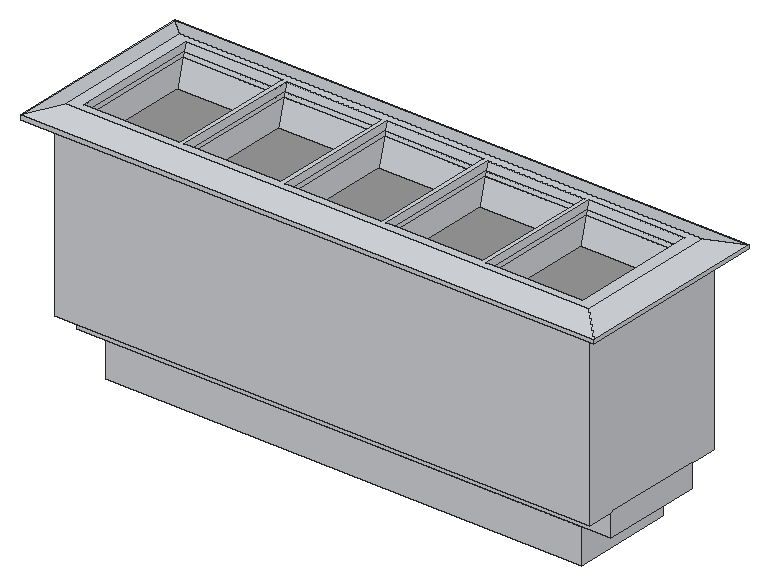
Revit family "2061426 Sylvania Lighting Fixture DOMINO 5xLED 940 BLACK MB TRIM BLACK DALI", category Lighting Fixtures, host Face, Revit 2018
Family settings
  Host = Face
  Round Connector Dimension = Use Diameter
  Part Type = Normal
  OmniClass Number = 23.80.70.00
  OmniClass Title = Lighting
  Cut with Voids When Loaded = No
  Light Source = Yes
  Shared = No
  Room Calculation Point = No
Parameters (values of type "2061426 DOMINO 5XLED 940 BLACK MB TR BLK DALI")
  top top width = 15.812 mm
  top top length = 123 mm
  Width = 50 mm
  Weight = "n/a"
  Wattage Comments = ""
  Wattage = 9.2903 W
  WarrantyStartDate [instance] = "n/a"
  WarrantyGuarantorParts = "n/a"
  WarrantyDurationUnit = "n/a"
  WarrantyDurationParts = ""
  WarrantyDescription = "http://www.sylvania-lighting.com"
  built-in parameter 1150110 = 1 (stored number, unit not read)
  Voltage = 0 V
  URL = "0.96"
  TypeName = "DOMINO 5xLED 940 BLACK MB TRIM BLACK DALI"
  Type Image = <None>
  Type Comments = "n/a"
  built-in parameter 1114217 = 1 (stored number, unit not read)
  Top Width = 26 mm
  Tilt Angle = 90.00°
  built-in parameter 1150109 = 1 (stored number, unit not read)
  built-in parameter 1150134 = 3
  built-in parameter 1150113 = 1 (stored number, unit not read)
  SerialNumber [instance] = "n/a"
  Recessed Width = 43 mm
  Recessed Length = 143 mm
  Photometric Web File = "2061426.ies"
  Material_3_FEILO = none
  PowerFactor = 0
  PowerConsumption = "Lighting"
  NominalLength = 50 mm
  NominalHeight = 0 mm
  NominalDepth = 0 mm
  Name = "DOMINO 5xLED 940 BLACK MB TRIM BLACK DALI"
  ModelReference = Name  # "DOMINO 5xLED 940 BLACK MB TRIM BLACK DALI"
  ModelNumber = "2061426"
  Model = Name  # "DOMINO 5xLED 940 BLACK MB TRIM BLACK DALI"
  Material = "Feilo Sylvania"
  ManufacturerName = "62 lm/W"
  Manufacturer = ""
  LuminousEfficacy = ""
  built-in parameter 1150105 = 109.82 (stored number, unit not read)
  Lumens = 1380 lm
  LuminaireType = "0"
  built-in parameter 1150115 = 1 (stored number, unit not read)
  LightOutputRatio = "LED"
  built-in parameter 1150137 = (empty or 0)
  built-in parameter 1150139 = (empty or 0)
  Lens inside recess = 25 mm
  Lens Width = 32 mm
  Lens Outside recess = 31.978 mm
  Lens = Glass, White, High Luminance
  Length = 148 mm
  LampsType = Lamp  # "n/a"
  LampNominalLuminous = "4000 K"
  LampMacAdamStep = "90"
  LampColourTemperature = "LED"
  LampColourRenderingIndex = "16500"
  built-in parameter 1150112 = 1 (stored number, unit not read)
  built-in parameter 1150114 = 1 (stored number, unit not read)
  Lamp = "n/a"
  Keynote = "n/a"
  InstallationDate [instance] = "n/a"
  InputVoltage = "0"
  InputNominalFrequency = "4000"
  built-in parameter 1150132 = (empty or 0)
  built-in parameter 1150102 = (empty or 0)
  built-in parameter 1150107 = 3200 (stored number, unit not read)
  built-in parameter 1150138 = (empty or 0)
  IngressProtection = "IfcLightFixtureType"
  ImpactProtectionIndex = "IfcLightFixtureType"
  built-in parameter 1150106 = 1.0982 (stored number, unit not read)
  IfcExportType = "IfcLightFixtureType"
  IfcExportAs = "Class II"
  Facia internal width = 37 mm
  Facia internal length = 135 mm
  Facia Height = 2 mm
  ExpectedLife = 50000
  Emit from Circle Diameter = 609.6 mm
  Emit Shape Visible in Rendering = no
  ElectricShockClassification = "62"
  built-in parameter 1150104 = 13.8 (stored number, unit not read)
  DurationUnit = "hours"
  DocumentationLiterature = "http://www.sylvania-lighting.com/product/en-int/products/2061426"
  DimmingControlOptions = "n/a"
  Material_2_FEILO = none
  Dimming Lamp Color Temperature Shift = <None>
  Description = "Modular LED recessed linear spotlight, ideal for retail and hospitality applications. Die-cast aluminium body, passive cooling. Two levels of reflector installation, low glaring UGR<16. 5x LED source, 30° beam angle , optics: PMMA lens and polycarbonate reflector combination, Black matt reflector finish. Light color temperature: 4000K neutral white, total system power: 13W , total fixture lumen output: 800lm, efficacy: 62 lm/W, Ra90 typical, LED chromacity: 3 step MacAdam ellipse (SDCM3), lifespan: 96,000 hours at 90% of the original output (L90B10), IR/UV free light source without heat radiation, operating voltage: 220-240V / 50-60Hz, electronic driver, ultra low flicker, DALI , electrical protection: Class II. Degree of Protection: IP40/IP20, suitable for indoor environment only. Ceiling cut-out: 43x43mm, outer dimensions:  150x50mm trim frame RAL 9005 - Jet black color.5 years Warranty."
  Default Elevation = 1219.2 mm
  CreatedOn = "10/02/2021"
  CreatedBy = "@sylvania-lighting.com"
  Cost = 0
  Color Filter = 16777215
  built-in parameter 1114216 [instance] = (empty or 0)
  ClassificationValue = "EF_70_80"
  ClassificationName = "Uniclass2015"
  Material_1_FEILO = none
  Body Width = 40 mm
  Body Length = 138 mm
  BarCode [instance] = "n/a"
  built-in parameter 1114218 = 1 (stored number, unit not read)
  built-in parameter 1150133 = 10 (stored number, unit not read)
  AssetType = "Fixed"
  AssetIdentifier [instance] = "n/a"
  Assembly Code = "D5020200"
  Apparent Load = 13 VA
  Material_4_FEILO = none
Reference planes
  plane 1 "Center (Front/Back)": y = 0
  plane 2: z = 0
  plane 3 "Center (Left/Right)": x = 0
  plane 4: z = 0
  plane 5: z = -7
  plane 6: z = -45.895
  plane 7: z = -51.895
  plane 8: z = -60.895
  plane 9: x = -71.5
  plane 10: x = 71.5
  plane 11: y = 21.5
  plane 12: y = -21.5
  plane 13: x = -74
  plane 14: x = 74
  plane 15: y = 25
  plane 16: y = -25
  plane 17: x = 67.5
  plane 18: x = -67.5
  plane 19: y = 18.5
  plane 20: y = -18.5
  plane 21: z = 2
  plane 22: x = -69
  plane 23: x = 69
  plane 24: y = 20
  plane 25: y = -20
  plane 26: y = 13
  plane 27: y = -13
  plane 28: x = 61.5
  plane 29: x = -61.5
  plane 30: x = -65.5
  plane 31: y = 16.5
  plane 32: y = -16.472
  plane 33: x = -40.5
  plane 34: x = -41
  plane 35: x = -65
  plane 36: y = 13
  plane 37: y = -12.972
  plane 38: x = -39.5
  plane 39: x = -14.48
  plane 40: x = -13.48
  plane 41: x = 11.52
  plane 42: x = 12.52
  plane 43: x = 37.52
  plane 44: x = 38.52
  plane 45: x = 64.5
Forms (mm)
  Extrusion 1, solid, not visible, detail levels medium+fine
    sketch origin (4.2, 0, 0) x (1, 0, 0) y (0, 1, 0)
      loop
        line (-29.2, 34.5) -> (-29.2, -34.5) -> (20.8, -34.5) -> (20.8, 34.5) -> (-29.2, 34.5)
    from 0 to 1
  Extrusion 2, solid, not visible, detail levels medium+fine
    sketch origin (4.044, 0, 0) x (1, 0, 0) y (0, 1, 0)
      loop
        line (-29.2, 34.5) -> (-29.2, -34.5) -> (20.8, -34.5) -> (20.8, 34.5) -> (-29.2, 34.5)
    from 0 to 1
  Blend 3, solid, not visible, detail levels medium+fine
    base sketch origin (4.2, 0, 0) x (1, 0, 0) y (0, 1, 0)
      loop
        line (-29.2, 34.5) -> (-29.2, -34.5) -> (20.8, -34.5) -> (20.8, 34.5) -> (-29.2, 34.5)
    top sketch origin (4.2, 0, 0) x (1, 0, 0) y (0, 1, 0)
      loop
        line (-21.7, 28) -> (-21.7, -28) -> (13.3, -28) -> (13.3, 28) -> (-21.7, 28)
    from 1 to 3
  Extrusion 4, solid, not visible, detail levels medium+fine
    sketch origin (3.419, 0, 0) x (1, 0, 0) y (0, 1, 0)
      loop
        line (-29.2, 34.5) -> (-29.2, -34.5) -> (20.8, -34.5) -> (20.8, 34.5) -> (-29.2, 34.5)
    from 0 to 1
  Blend 5, solid, not visible, detail levels medium+fine
    base sketch origin (3.575, 0, 0) x (1, 0, 0) y (0, 1, 0)
      loop
        line (-29.2, 34.5) -> (-29.2, -34.5) -> (20.8, -34.5) -> (20.8, 34.5) -> (-29.2, 34.5)
    top sketch origin (3.575, 0, 0) x (1, 0, 0) y (0, 1, 0)
      loop
        line (-21.7, 28) -> (-21.7, -28) -> (13.3, -28) -> (13.3, 28) -> (-21.7, 28)
    from 1 to 3
  Extrusion 6, solid, not visible, detail levels medium+fine
    sketch origin (4.247, 0, 0) x (1, 0, 0) y (0, 1, 0)
      loop
        line (-29.2, 34.5) -> (-29.2, -34.5) -> (20.8, -34.5) -> (20.8, 34.5) -> (-29.2, 34.5)
    from 0 to 1
  Blend 7, solid, not visible, detail levels medium+fine
    base sketch origin (4.403, 0, 0) x (1, 0, 0) y (0, 1, 0)
      loop
        line (-29.2, 34.5) -> (-29.2, -34.5) -> (20.8, -34.5) -> (20.8, 34.5) -> (-29.2, 34.5)
    top sketch origin (4.403, 0, 0) x (1, 0, 0) y (0, 1, 0)
      loop
        line (-21.7, 28) -> (-21.7, -28) -> (13.3, -28) -> (13.3, 28) -> (-21.7, 28)
    from 1 to 3
  Extrusion 8, void, detail levels medium+fine
    sketch origin (4.2, 0, 0) x (0, 1, 0) y (1, 0, 0)
      loop
        line (21.5, -75.7) -> (21.5, 67.3) -> (-21.5, 67.3) -> (-21.5, -75.7) -> (21.5, -75.7)
    from -9.934 to 83.097
  Extrusion 9, solid, detail levels medium+fine
    sketch origin (4.2, 0, 0) x (1, 0, 0) y (0, 1, 0)
      loop
        line (-78.2, 25) -> (-78.2, -25) -> (69.8, -25) -> (69.8, 25) -> (-78.2, 25)
    from 0 to 1
  Extrusion 10, solid, detail levels medium+fine
    sketch origin (4.2, 0, 0) x (1, 0, 0) y (0, 1, 0)
      loop
        line (-73.2, 20) -> (-73.2, -20) -> (64.8, -20) -> (64.8, 20) -> (-73.2, 20)
    from 0 to -45.895
  Extrusion 11, solid, detail levels medium+fine
    sketch origin (4.2, 0, 0) x (1, 0, 0) y (0, 1, 0)
      loop
        line (-73.2, 13) -> (-73.2, -13) -> (64.8, -13) -> (64.8, 13) -> (-73.2, 13)
    from -51.895 to -45.895
  Extrusion 12, solid, material "Glass, White, High Luminance" <- "Lens", detail levels fine
    sketch origin (11.874, 1219.733, 36.156) x (1, 0, 0) y (0, 1, 0)
      loop
        line (-75.883, -1206.7) -> (-75.883, -1232.733) -> (-51.887, -1232.733) -> (-51.887, -1206.7) -> (-75.883, -1206.7)
    from -43.156 to -42.182
  Blend 13, solid, detail levels medium+fine
    base sketch origin (4.2, 0, 0) x (1, 0, 0) y (0, 1, 0)
      loop
        line (-78.2, 25) -> (-78.2, -25) -> (69.8, -25) -> (69.8, 25) -> (-78.2, 25)
    top sketch origin (4.2, 0, 0) x (1, 0, 0) y (0, 1, 0)
      loop
        line (-71.7, 18.5) -> (-71.7, -18.5) -> (63.3, -18.5) -> (63.3, 18.5) -> (-71.7, 18.5)
    from 1 to 3
  Extrusion 14, solid, detail levels fine
    sketch origin (0, 0, 0) x (1, 0, 0) y (0, 0, 1)
      loop
        line (-61.5, -51.895) -> (-61.5, -60.895) -> (61.5, -60.895) -> (61.5, -51.895) -> (-61.5, -51.895)
    from -13 to 13
  Blend 15, void
    base sketch origin (5.187, 0, 0) x (0, 1, 0) y (-1, 0, 0)
      loop
        line (16.5, 69.7) -> (-16.472, 69.7) -> (-16.472, 44.7) -> (16.5, 44.7) -> (16.5, 69.7)
    top sketch origin (5.187, 0, 0) x (0, 1, 0) y (-1, 0, 0)
      loop
        line (13, 69.2) -> (-12.972, 69.2) -> (-12.972, 45.2) -> (13, 45.2) -> (13, 69.2)
    from 3 to -7
  Blend 16, void
    base sketch origin (31.202, 0, 0) x (0, 1, 0) y (-1, 0, 0)
      loop
        line (16.5, 69.7) -> (-16.472, 69.7) -> (-16.472, 44.7) -> (16.5, 44.7) -> (16.5, 69.7)
    top sketch origin (31.202, 0, 0) x (0, 1, 0) y (-1, 0, 0)
      loop
        line (13, 69.2) -> (-12.972, 69.2) -> (-12.972, 45.2) -> (13, 45.2) -> (13, 69.2)
    from 3 to -7
  Blend 17, void
    base sketch origin (57.213, -0.017, 0) x (0, 1, 0) y (-1, 0, 0)
      loop
        line (16.5, 69.7) -> (-16.472, 69.7) -> (-16.472, 44.7) -> (16.5, 44.7) -> (16.5, 69.7)
    top sketch origin (57.213, -0.017, 0) x (0, 1, 0) y (-1, 0, 0)
      loop
        line (13, 69.2) -> (-12.972, 69.2) -> (-12.972, 45.2) -> (13, 45.2) -> (13, 69.2)
    from 3 to -7
  Blend 18, void
    base sketch origin (83.222, 0, 0) x (0, 1, 0) y (-1, 0, 0)
      loop
        line (16.5, 69.7) -> (-16.472, 69.7) -> (-16.472, 44.7) -> (16.5, 44.7) -> (16.5, 69.7)
    top sketch origin (83.222, 0, 0) x (0, 1, 0) y (-1, 0, 0)
      loop
        line (13, 69.2) -> (-12.972, 69.2) -> (-12.972, 45.2) -> (13, 45.2) -> (13, 69.2)
    from 3 to -7
  Blend 19, void
    base sketch origin (109.202, 0, 0) x (0, 1, 0) y (-1, 0, 0)
      loop
        line (16.5, 69.7) -> (-16.472, 69.7) -> (-16.472, 44.7) -> (16.5, 44.7) -> (16.5, 69.7)
    top sketch origin (109.202, 0, 0) x (0, 1, 0) y (-1, 0, 0)
      loop
        line (13, 69.2) -> (-12.972, 69.2) -> (-12.972, 45.2) -> (13, 45.2) -> (13, 69.2)
    from 3 to -7
  Extrusion 20, solid, material "Glass, White, High Luminance" <- "Lens", detail levels fine
    sketch origin (37.889, 1219.733, 36.156) x (1, 0, 0) y (0, 1, 0)
      loop
        line (-75.883, -1206.7) -> (-75.883, -1232.733) -> (-51.887, -1232.733) -> (-51.887, -1206.7) -> (-75.883, -1206.7)
    from -43.156 to -42.182
  Extrusion 21, solid, material "Glass, White, High Luminance" <- "Lens", detail levels fine
    sketch origin (63.896, 1219.733, 36.156) x (1, 0, 0) y (0, 1, 0)
      loop
        line (-75.883, -1206.7) -> (-75.883, -1232.733) -> (-51.887, -1232.733) -> (-51.887, -1206.7) -> (-75.883, -1206.7)
    from -43.156 to -42.182
  Extrusion 22, solid, material "Glass, White, High Luminance" <- "Lens", detail levels fine
    sketch origin (89.905, 1219.733, 36.156) x (1, 0, 0) y (0, 1, 0)
      loop
        line (-75.883, -1206.7) -> (-75.883, -1232.733) -> (-51.887, -1232.733) -> (-51.887, -1206.7) -> (-75.883, -1206.7)
    from -43.156 to -42.182
  Extrusion 23, solid, material "Glass, White, High Luminance" <- "Lens", detail levels fine
    sketch origin (115.886, 1219.733, 36.156) x (1, 0, 0) y (0, 1, 0)
      loop
        line (-75.883, -1206.7) -> (-75.883, -1232.733) -> (-51.887, -1232.733) -> (-51.887, -1206.7) -> (-75.883, -1206.7)
    from -43.156 to -42.182
  Extrusion 24, solid, detail levels coarse
    sketch origin (4.2, 0, 0) x (1, 0, 0) y (0, 1, 0)
      loop
        line (-78.2, 25) -> (-78.2, -25) -> (69.8, -25) -> (69.8, 25) -> (-78.2, 25)
    from 3 to -60.895
Cuts and joins
  Blend 15, Blend 16, Blend 17, Blend 18, Blend 19 cuts Extrusion 9
  Blend 15, Blend 16, Blend 17, Blend 18, Blend 19 cuts Extrusion 10
  Blend 15, Blend 16, Blend 17, Blend 18, Blend 19 cuts Blend 13
Dimensions and locks
  "Recessed Length": plane 9 to plane 10
  equal spacing: plane 9, plane 3 "Center (Left/Right)", plane 10
  "Length": plane 13 to plane 14
  equal spacing: plane 13, plane 3 "Center (Left/Right)", plane 14
  "Recessed Width": plane 11 to plane 12
  equal spacing: plane 11, plane 1 "Center (Front/Back)", plane 12
  "Width": plane 15 to plane 16
  equal spacing: plane 15, plane 1 "Center (Front/Back)", plane 16
  "Facia internal length": plane 18 to plane 17
  equal spacing: plane 18, plane 3 "Center (Left/Right)", plane 17
  "Facia internal width": plane 19 to plane 20
  equal spacing: plane 19, plane 1 "Center (Front/Back)", plane 20
  "Facia Height": plane 21 to host face
  "Body Length": plane 22 to plane 23
  equal spacing: plane 22, plane 3 "Center (Left/Right)", plane 23
  "Body Width": plane 24 to plane 25
  equal spacing: plane 24, plane 1 "Center (Front/Back)", plane 25
  "Top Width": plane 26 to plane 27
  equal spacing: plane 26, plane 1 "Center (Front/Back)", plane 27
  "top top length": plane 29 to plane 28
  equal spacing: plane 29, plane 3 "Center (Left/Right)", plane 28  (x2)
  plane 28 to plane 29 = 123 mm
  equal spacing: plane 28, plane 3 "Center (Left/Right)", plane 29
  aligned and locked: plane 2 to host face
  aligned and locked: level to host face
  aligned and locked: Extrusion 11 to plane 7
  aligned and locked: Extrusion 10 to plane 6
  aligned and locked: Extrusion 12 to plane 5
Automatic sketch dimensions
  Extrusion 1 sketch curve to Extrusion 1 sketch curve = 50 mm
  Extrusion 1 sketch curve to Extrusion 1 sketch curve = 69 mm
  Extrusion 2 sketch curve to Extrusion 2 sketch curve = 50 mm
  Extrusion 2 sketch curve to Extrusion 2 sketch curve = 69 mm
  Blend 3 sketch curve to Blend 3 sketch curve = 50 mm
  Blend 3 sketch curve to Blend 3 sketch curve = 69 mm
  Blend 3 sketch curve to Blend 3 sketch curve = 35 mm
  Blend 3 sketch curve to Blend 3 sketch curve = 56 mm
  Extrusion 4 sketch curve to Extrusion 4 sketch curve = 50 mm
  Extrusion 4 sketch curve to Extrusion 4 sketch curve = 69 mm
  Blend 5 sketch curve to Blend 5 sketch curve = 50 mm
  Blend 5 sketch curve to Blend 5 sketch curve = 69 mm
  Blend 5 sketch curve to Blend 5 sketch curve = 35 mm
  Blend 5 sketch curve to Blend 5 sketch curve = 56 mm
  Extrusion 6 sketch curve to Extrusion 6 sketch curve = 50 mm
  Extrusion 6 sketch curve to Extrusion 6 sketch curve = 69 mm
  Blend 7 sketch curve to Blend 7 sketch curve = 50 mm
  Blend 7 sketch curve to Blend 7 sketch curve = 69 mm
  Blend 7 sketch curve to Blend 7 sketch curve = 35 mm
  Blend 7 sketch curve to Blend 7 sketch curve = 56 mm
  host sketch curve to host sketch curve = 2438.4 mm  (x2)
  Extrusion 8 sketch curve to plane 9 = 0 mm
  Extrusion 8 sketch curve to plane 12 = 0 mm
  Extrusion 8 sketch curve to plane 11 = 0 mm
  Extrusion 8 sketch curve to plane 10 = 0 mm
  Extrusion 9 sketch curve to plane 13 = 0 mm
  Extrusion 9 sketch curve to plane 14 = 0 mm
  Extrusion 9 sketch curve to plane 16 = 0 mm
  Extrusion 9 sketch curve to plane 15 = 0 mm
  Extrusion 10 sketch curve to plane 22 = 0 mm
  Extrusion 10 sketch curve to plane 23 = 0 mm
  Extrusion 10 sketch curve to plane 25 = 0 mm
  Extrusion 10 sketch curve to plane 24 = 0 mm
  Extrusion 11 sketch curve to plane 22 = 0 mm
  Extrusion 11 sketch curve to plane 23 = 0 mm
  Extrusion 11 sketch curve to plane 27 = 0 mm
  Extrusion 11 sketch curve to plane 26 = 0 mm
  Extrusion 12 sketch curve to plane 27 = 0 mm
  plane 35 to Extrusion 12 sketch curve = 0.991 mm
  plane 26 to Extrusion 12 sketch curve = 0.033 mm
  plane 33 to Extrusion 12 sketch curve = 0.487 mm
  Blend 13 sketch curve to plane 13 = 0 mm
  Blend 13 sketch curve to plane 14 = 0 mm
  Blend 13 sketch curve to plane 16 = 0 mm
  Blend 13 sketch curve to plane 15 = 0 mm
  Blend 13 sketch curve to plane 18 = 0 mm
  Blend 13 sketch curve to plane 17 = 0 mm
  Blend 13 sketch curve to plane 20 = 0 mm
  Blend 13 sketch curve to plane 19 = 0 mm
  Extrusion 14 sketch curve to plane 8 = 0 mm
  Extrusion 14 sketch curve to plane 29 = 0 mm
  Extrusion 14 sketch curve to plane 28 = 0 mm
  Extrusion 14 sketch curve to plane 7 = 0 mm
  Blend 15 sketch curve to plane 32 = 0 mm
  Blend 15 sketch curve to plane 31 = 0 mm
  Blend 15 sketch curve to plane 38 = 0.013 mm
  plane 35 to Blend 15 sketch curve = 0.487 mm
  Blend 15 sketch curve to plane 37 = 0 mm
  Blend 15 sketch curve to plane 26 = 0 mm
  plane 33 to Blend 15 sketch curve = 0.487 mm
  plane 35 to Blend 15 sketch curve = 0.987 mm
  Blend 16 sketch curve to plane 32 = 0 mm
  Blend 16 sketch curve to plane 31 = 0 mm
  Blend 16 sketch curve to plane 40 = 0.018 mm
  plane 38 to Blend 16 sketch curve = 1.002 mm
  Blend 16 sketch curve to plane 37 = 0 mm
  Blend 16 sketch curve to plane 26 = 0 mm
  plane 39 to Blend 16 sketch curve = 0.482 mm
  plane 38 to Blend 16 sketch curve = 1.502 mm
  Blend 17 sketch curve to plane 32 = 0.017 mm
  Blend 17 sketch curve to plane 31 = 0.017 mm
  Blend 17 sketch curve to plane 42 = 0.007 mm
  plane 40 to Blend 17 sketch curve = 0.993 mm
  plane 27 to Blend 17 sketch curve = 0.011 mm
  Blend 17 sketch curve to plane 26 = 0.017 mm
  plane 41 to Blend 17 sketch curve = 0.493 mm
  plane 40 to Blend 17 sketch curve = 1.493 mm
  plane 32 to Blend 18 sketch curve = 0 mm
  plane 31 to Blend 18 sketch curve = 0 mm
  plane 44 to Blend 18 sketch curve = 0.002 mm
  plane 42 to Blend 18 sketch curve = 1.002 mm
  plane 37 to Blend 18 sketch curve = 0 mm
  plane 26 to Blend 18 sketch curve = 0 mm
  Blend 18 sketch curve to plane 44 = 0.498 mm
  plane 42 to Blend 18 sketch curve = 1.502 mm
  Blend 19 sketch curve to plane 32 = 0 mm
  Blend 19 sketch curve to plane 31 = 0 mm
  plane 45 to Blend 19 sketch curve = 0.002 mm
  plane 44 to Blend 19 sketch curve = 0.982 mm
  Blend 19 sketch curve to plane 37 = 0 mm
  Blend 19 sketch curve to plane 26 = 0 mm
  Blend 19 sketch curve to plane 45 = 0.498 mm
  plane 44 to Blend 19 sketch curve = 1.482 mm
  Extrusion 20 sketch curve to plane 27 = 0 mm
  plane 38 to Extrusion 20 sketch curve = 1.506 mm
  plane 26 to Extrusion 20 sketch curve = 0.033 mm
  plane 39 to Extrusion 20 sketch curve = 0.482 mm
  Extrusion 21 sketch curve to plane 27 = 0 mm
  plane 40 to Extrusion 21 sketch curve = 1.493 mm
  plane 26 to Extrusion 21 sketch curve = 0.033 mm
  plane 41 to Extrusion 21 sketch curve = 0.49 mm
  Extrusion 22 sketch curve to plane 27 = 0 mm
  plane 42 to Extrusion 22 sketch curve = 1.502 mm
  plane 26 to Extrusion 22 sketch curve = 0.033 mm
  plane 43 to Extrusion 22 sketch curve = 0.498 mm
  Extrusion 23 sketch curve to plane 27 = 0 mm
  plane 44 to Extrusion 23 sketch curve = 1.482 mm
  plane 26 to Extrusion 23 sketch curve = 0.033 mm
  Extrusion 23 sketch curve to plane 45 = 0.501 mm
  Extrusion 24 sketch curve to plane 13 = 0 mm
  Extrusion 24 sketch curve to plane 14 = 0 mm
  Extrusion 24 sketch curve to plane 16 = 0 mm
  Extrusion 24 sketch curve to plane 15 = 0 mm
Connectors
  electrical at (0, 0, -60.895)
    settings: on Extrusion 14, index 1, voltage 0 V, apparent load 0 VA, apparent load phase1 0 VA, apparent load phase2 0 VA, apparent load phase3 0 VA, power factor 1, load classification "Other", number of poles 1, system type 31, power factor state 1, is connector primary yes, connector utility no, sub classification motor no, connector description ""
